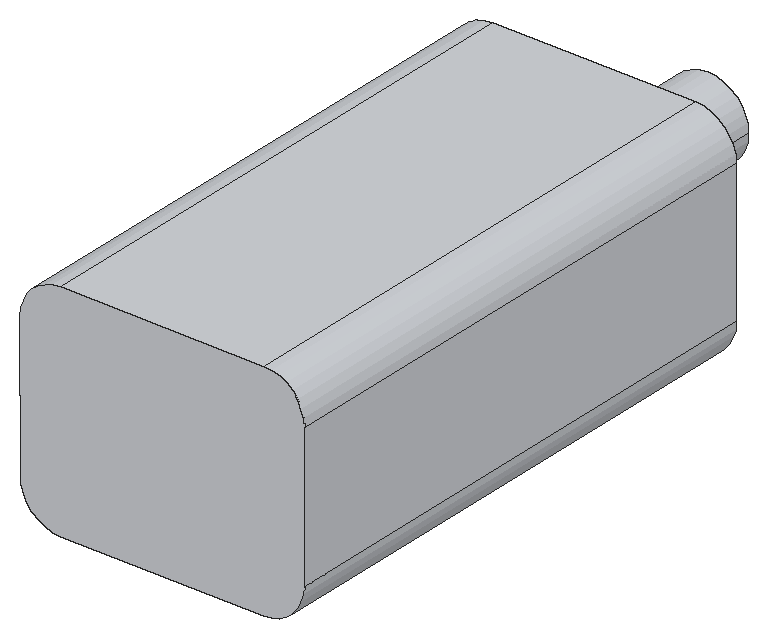
Revit family "SHG_Kamera_V1700", category Sicherheitsgeräte, Revit 2017
Family settings
  Beschriftungsausrichtung beibehalten = Nein
  Bemaßung runder Anschluss = Durchmesser verwenden
  Teiletyp = Normal
  OmniClass-Nummer = 23.85.30.00
  OmniClass-Titel = Safety and Security Information Systems
  Arbeitsebenenbasiert = Nein
  Immer vertikal = Ja
  Beim Laden mit Abzugskörper schneiden = Ja
  Gemeinsam genutzt = Nein
  Raumberechnungspunkt = Nein
Parameters (values of type "Videokamera_ZK")
  pbr_Material_KZ = ""
  pbr_Material = none
  pbr_E_Typ = ""
  pbr_E_KZ = ""
  pbr_DINBild = 0
  pbr_Bild = 0
  pbr_3Dx_Delta_Korrekturversatz [instance] = 0 mm
  pbr_3DX_Versatzfaktor [instance] = 0
  pbr_2DY_Versatzfaktor [instance] = 0
  pbr_2DX_Versatzfaktor [instance] = 0
  lfd_STRK [instance] = 0
  cpiFitMatchKey [instance] = "E-AuV KP"  # constant formula
  Zentrale [instance] = ""
  YFrontversatz [instance] = if(pbr_2DY_Versatzfaktor = 300, 0 mm, pbr_2DY_Versatzfaktor * 300 mm)  # 0 mm
  XSeitenversatz [instance] = if(pbr_2DX_Versatzfaktor = 0, 3000 mm, 3000 mm + (pbr_2DX_Versatzfaktor * 300 mm)) + Eckversatz  # 3000 mm
  Videokamera vario = no
  Videokamera schwenkbar = no
  Videokamera mit Bewegungssensor = no
  Videokamera außen schwenkbar = no
  Videokamera außen mit Bewegungssensor = no
  Videokamera abgeh. Decke (ZK) = no
  Videokamera abgeh. Decke = no
  Videokamera Wetterschutz (ZK) = no
  Videokamera Wetterschutz = no
  Videokamera (ZK) = no
  Videokamera = yes
  Typ [instance] = ""
  Text3 [instance] = ""
  Text2 [instance] = ""
  Text1 [instance] = ""
  Planungsbüro Rohling = "www.pbr.de"
  Niveau [instance] = 2000 mm
  Netzart = ""
  Menge(Dosenzahl) [instance] = 0
  Linie/Anschluss [instance] = ""
  Linie [instance] = ""
  Lastklassifizierung = none
  Installationsart [instance] = ""
  Info [instance] = ""
  Gewerk [instance] = "ZK"
  Eckversatz = 0 mm
  Bus [instance] = ""
  Betriebsstrom ruhe [instance] = 0
  Betriebsstrom max [instance] = 0
  3DX_Versatzkontrolle [instance] = if(pbr_3DX_Versatzfaktor = 0, (pbr_2DX_Versatzfaktor * -1), (((-1 * pbr_3DX_Versatzfaktor) + pbr_2DX_Versatzfaktor) * -1))  # 0
  Platzierrahmen [instance] = no
  3DX_Versatz [instance] = 0 mm
Types (11, lengths in mm): name | pbr_2DY_Versatzfaktor | pbr_2DX_Versatzfaktor | YFrontversatz | XSeitenversatz | Videokamera vario | Videokamera schwenkbar | Videokamera mit Bewegungssensor | Videokamera außen schwenkbar | Videokamera außen mit Bewegungssensor | Videokamera abgeh. Decke | Videokamera Wetterschutz | Videokamera | Gewerk | 3DX_Versatzkontrolle
  Videokamera_RBA | 0 | 0 | 0 | 3000 | no | no | no | no | no | no | no | yes | "RBA" | 0
  Videokamera_abgeh_Decke_RBA | 0 | 0 | 0 | 3000 | no | no | no | no | no | yes | no | no | "RBA" | 0
  Videokamera_aussen_Bewegungssensor_RBA | 0 | 0 | 0 | 3000 | no | no | no | no | yes | no | no | no | "RBA" | 0
  Videokamera_aussen_schwenkbar_RBA | 0 | 0 | 0 | 3000 | no | no | no | yes | no | no | no | no | "RBA" | 0
  Videokamera_Bewegungssensor_RBA | 0 | 0 | 0 | 3000 | no | no | yes | no | no | no | no | no | "RBA" | 0
  Videokamera_schwenkbar_RBA | 0 | 0 | 0 | 3000 | no | yes | no | no | no | no | no | no | "RBA" | 0
  Videokamera_vario_RBA | 0 | 0 | 0 | 3000 | yes | no | no | no | no | no | no | no | "RBA" | 0
  Videokamera_Wetterschutz_RBA | 0 | 0 | 0 | 3000 | no | no | no | no | no | no | yes | no | "RBA" | 0
  Videokamera_ZK | 0 | 0 | 0 | 3000 | no | no | no | no | no | no | no | yes | "ZK" | 0
  Videokamera_abgeh_Decke_ZK | 0 | 0 | 0 | 3000 | no | no | no | no | no | yes | no | no | "ZK" | 0
  Videokamera_Wetterschutz_ZK | 2 | 2 | 600 | 3600 | no | no | no | no | no | no | yes | no | "ZK" | -2
Reference planes
  plane 1 "Mitte (Vorne/Hinten)": y = 0
  plane 2: z = 0
  plane 3 "Mitte (Links/Rechts)": x = 0
  plane 4: x = -125
  plane 5: x = 125
  plane 6: y = 300
  plane 7 "Schalterhinten": y = 0
  plane 8: x = -3000
  plane 9: x = 0
  plane 10: x = -2000
  plane 11: x = -35
  plane 12: x = 35
  plane 13: z = 2027.5
  plane 14: z = 1972.5
  plane 15 "SchalterVorne": y = 133
  plane 16 "3DSchalterMitte": x = 0
  plane 17: z = 2000
  plane 18: y = -70
  plane 19: y = -35
  plane 20: z = 2020
  plane 21: z = 1980
  plane 22: x = -20
  plane 23: x = 20
  plane 24: y = 150
  plane 25: z = 2010
Forms (mm)
  Extrusion 1, solid
    sketch origin (0, 20, 0) x (0, 0, 1) y (-1, 0, 0)
      loop
        line (1972.5, 25) -> (1972.5, -25)
        arc (1972.5, -25) -> (1975.429, -32.071) -> (1982.5, -35) r 10
        line (1982.5, -35) -> (2017.5, -35)
        arc (2017.5, -35) -> (2024.571, -32.071) -> (2027.5, -25) r 10
        line (2027.5, -25) -> (2027.5, 25)
        arc (2027.5, 25) -> (2024.571, 32.071) -> (2017.5, 35) r 10
        line (2017.5, 35) -> (1982.5, 35)
        arc (1982.5, 35) -> (1975.429, 32.071) -> (1972.5, 25) r 10
    from -113 to 20
  Extrusion 2, solid
    sketch origin (0, 133, 0) x (1, 0, 0) y (0, 0, -1)
      loop
        circle (0, -2000) r 10
    from 0 to 35
Dimensions and locks
  plane 4 to plane 5 = 250 mm
  plane 6 to plane 7 "Schalterhinten" = 300 mm
  plane 4 to plane 9 to plane 5 = 125 mm, 125 mm
  "XSeitenversatz": plane 8 to plane 9
  plane 8 to plane 3 "Mitte (Links/Rechts)" = 3000 mm
  "YFrontversatz": plane 1 "Mitte (Vorne/Hinten)" to plane 7 "Schalterhinten"
  plane 12 to plane 11 = 70 mm
  plane 13 to plane 14 = 55 mm
  plane 9 to plane 10 = 2000 mm
  equal spacing: plane 12, plane 16 "3DSchalterMitte", plane 11
  locked: plane 16 "3DSchalterMitte" to plane 10 at 2000
  equal spacing: plane 13, plane 17, plane 14
  "Niveau": plane 17 to level
  locked: plane 1 "Mitte (Vorne/Hinten)" to plane 18 at 70
  plane 15 "SchalterVorne" to plane 1 "Mitte (Vorne/Hinten)" = 133 mm
  equal spacing: plane 18, plane 19, plane 1 "Mitte (Vorne/Hinten)"
  plane 13 to plane 20 = 7.5 mm
  plane 21 to plane 14 = 7.5 mm
  plane 22 to plane 11 = 15 mm
  plane 12 to plane 23 = 15 mm
  equal spacing: plane 6, plane 24, plane 7 "Schalterhinten"
  plane 14 to plane 17 to plane 13 = 27.5 mm, 27.5 mm
  locked: plane 25 to plane 20 at 10
  aligned and locked: level to plane 2
  aligned and locked: plane 14 to Extrusion 1 sketch curve
  aligned and locked: Extrusion 1 sketch curve to plane 11
  aligned and locked: Extrusion 1 sketch curve to plane 13
  aligned and locked: plane 12 to Extrusion 1 sketch curve
  aligned and locked: Extrusion 1 to plane 1 "Mitte (Vorne/Hinten)"
  aligned and locked: Extrusion 1 to plane 15 "SchalterVorne"
  aligned and locked: plane 3 "Mitte (Links/Rechts)" to nested 10
  aligned and locked: plane 1 "Mitte (Vorne/Hinten)" to nested 10
Automatic sketch dimensions
  Extrusion 1 sketch curve to plane 21 = 2.5 mm  (x2)
  Extrusion 1 sketch curve to plane 20 = 2.5 mm  (x2)
  plane 16 "3DSchalterMitte" to Extrusion 2 sketch curve = 0 mm
  Extrusion 2 sketch curve to plane 17 = 0 mm
  radius of Extrusion 2 sketch curve = 10 mm
Nested families
  nested 1: "Videokamera (RBA)" at (0, 0, 0), visible <- "Videokamera", type "Videokamera (RBA)"
  nested 2: "Videokamera (ZK)" at (0, 0, 0), visible <- "Videokamera (ZK)", type "Videokamera (ZK)"
  nested 3: "Videokamera außen mit Bewegungssensor (RBA)" at (0, 0, 0), visible <- "Videokamera außen mit Bewegungssensor", type "Videokamera außen mit Bewegungssensor (RBA)"
  nested 4: "Videokamera außen schwenkbar (RBA)" at (0, 0, 0), visible <- "Videokamera außen schwenkbar", type "Videokamera außen schwenkbar (RBA)"
  nested 5: "Videokamera mit Bewegungssensor (RBA)" at (0, 0, 0), visible <- "Videokamera mit Bewegungssensor", type "Videokamera mit Bewegungssensor (RBA)"
  nested 6: "Videokamera schwenkbar (RBA)" at (0, 0, 0), visible <- "Videokamera schwenkbar", type "Videokamera schwenkbar (RBA)"
  nested 7: "Videokamera vario (RBA)" at (0, 0, 0), visible <- "Videokamera vario", type "Videokamera vario (RBA)"
  nested 8: "Videokamera Wetterschutz (RBA)" at (0, 0, 0), visible <- "Videokamera Wetterschutz", type "Videokamera Wetterschutz (RBA)"
  nested 9: "Videokamera Wetterschutz (ZK)" at (0, 0, 0), visible <- "Videokamera (ZK)", type "Videokamera Wetterschutz (ZK)"
  nested 10: "Videokamera abgeh.Decke (RBA)" at (0, 0, 0), visible <- "Videokamera abgeh. Decke", type "Videokamera abgeh.Decke (RBA)"
Connectors
  electrical at (0, 0, 2000)
    settings: on Extrusion 1, index 1, voltage 0 V, apparent load 0 VA, apparent load phase1 0 VA, apparent load phase2 0 VA, apparent load phase3 0 VA, power factor 1, load classification "Sonstige", number of poles 1, system type 10, power factor state 1, is connector primary yes, connector utility no, sub classification motor no, connector description ""
Definition of nested family "Videokamera (RBA)"
  Reference planes
    plane 1 "Mitte (Vorne/Hinten)": y = 0
    plane 2: z = 0
    plane 3 "Mitte (Links/Rechts)": x = 0
    plane 4: y = 0
    plane 5: y = 0
    plane 6: x = 0
  Lines and regions (mm)
    detail lines, in view "Referenzebene"
      curve 1: line (0, 0, 0) -> (212.132, 212.132, 0)
      curve 2: line (212.132, 212.132, 0) -> (212.132, 318.198, 0)
      curve 3: line (212.132, 318.198, 0) -> (309.713, 415.779, 0)
      curve 4: line (309.713, 415.779, 0) -> (256.68, 468.812, 0)
      curve 5: line (256.68, 468.812, 0) -> (185.616, 397.748, 0)
      curve 6: line (185.616, 397.748, 0) -> (185.616, 503.814, 0)
      curve 7: line (185.616, 503.814, 0) -> (-159.099, 159.099, 0)
      curve 8: line (-159.099, 159.099, 0) -> (0, 0, 0)
Definition of nested family "Videokamera (ZK)"
  Reference planes
    plane 1 "Mitte (Vorne/Hinten)": y = 0
    plane 2: z = 0
    plane 3 "Mitte (Links/Rechts)": x = 0
    plane 4: y = 0
    plane 5: y = 0
    plane 6: x = 0
  Lines and regions (mm)
    detail lines, in view "Referenzebene"
      curve 1: line (0, 0, 0) -> (212.132, 212.132, 0)
      curve 2: line (212.132, 212.132, 0) -> (212.132, 318.198, 0)
      curve 3: line (212.132, 318.198, 0) -> (309.713, 415.779, 0)
      curve 4: line (309.713, 415.779, 0) -> (256.68, 468.812, 0)
      curve 5: line (256.68, 468.812, 0) -> (185.616, 397.748, 0)
      curve 6: line (185.616, 397.748, 0) -> (185.616, 503.814, 0)
      curve 7: line (185.616, 503.814, 0) -> (-159.099, 159.099, 0)
      curve 8: line (-159.099, 159.099, 0) -> (0, 0, 0)
Definition of nested family "Videokamera außen mit Bewegungssensor (RBA)"
  Reference planes
    plane 1 "Mitte (Vorne/Hinten)": y = 0
    plane 2: z = 0
    plane 3 "Mitte (Links/Rechts)": x = 0
    plane 4: x = 0
    plane 5: y = 0
  Lines and regions (mm)
    detail lines, in view "Referenzebene"
      curve 1: line (35.355, 35.355, 0) -> (247.487, 247.487, 0)
      curve 2: line (247.487, 247.487, 0) -> (247.487, 353.553, 0)
      curve 3: line (247.487, 353.553, 0) -> (345.068, 451.134, 0)
      curve 4: line (345.068, 451.134, 0) -> (292.035, 504.167, 0)
      curve 5: line (292.035, 504.167, 0) -> (220.971, 433.103, 0)
      curve 6: line (220.971, 433.103, 0) -> (220.971, 539.169, 0)
      curve 7: line (220.971, 539.169, 0) -> (-123.744, 194.454, 0)
      curve 8: line (-123.744, 194.454, 0) -> (35.355, 35.355, 0)
      curve 9: line (270.971, 549.514, 0) -> (270.971, 659.88, 0)
      curve 10: line (270.971, 659.88, 0) -> (-194.454, 194.454, 0)
      curve 11: line (-194.454, 194.454, 0) -> (0, 0, 0)
      curve 12: line (39.726, 111.852, 0) -> (-52.46, 204.038, 0)
      curve 13: line (-52.46, 204.038, 0) -> (176.236, 248.362, 0)
Definition of nested family "Videokamera außen schwenkbar (RBA)"
  Reference planes
    plane 1 "Mitte (Vorne/Hinten)": y = 0
    plane 2: z = 0
    plane 3 "Mitte (Links/Rechts)": x = 0
    plane 4: x = 0
    plane 5: y = 0
  Lines and regions (mm)
    Filled region 1, type "Beton", in view "Referenzebene"
      outline origin (15.336, -480.563, 0) x (0.707107, 0.707107, 0) y (-0.707107, 0.707107, 0)
        loop
          line (544.777, 521.4) -> (527.43, 521.4) -> (498.908, 417.122) -> (471.222, 521.395) -> (451.807, 521.395) -> (451.807, 399.62) -> (464.233, 399.62) -> (464.233, 503.29) -> (492.431, 399.616) -> (504.047, 399.616) -> (532.345, 501.534) -> (532.345, 399.62) -> (544.777, 399.62) -> (544.777, 521.4)
    detail lines, in view "Referenzebene"
      curve 1: circle (39.775, 198.874, 0) r 93.75 normal (0, 0, 1)
      curve 2: line (35.355, 35.355, 0) -> (247.487, 247.487, 0)
      curve 3: line (247.487, 247.487, 0) -> (247.487, 353.553, 0)
      curve 4: line (247.487, 353.553, 0) -> (345.068, 451.134, 0)
      curve 5: line (345.068, 451.134, 0) -> (292.035, 504.167, 0)
      curve 6: line (292.035, 504.167, 0) -> (220.971, 433.103, 0)
      curve 7: line (220.971, 433.103, 0) -> (220.971, 539.169, 0)
      curve 8: line (220.971, 539.169, 0) -> (-123.744, 194.454, 0)
      curve 9: line (-123.744, 194.454, 0) -> (35.355, 35.355, 0)
      curve 10: line (270.971, 549.514, 0) -> (270.971, 659.88, 0)
      curve 11: line (270.971, 659.88, 0) -> (-194.454, 194.454, 0)
      curve 12: line (-194.454, 194.454, 0) -> (0, 0, 0)
Definition of nested family "Videokamera mit Bewegungssensor (RBA)"
  Reference planes
    plane 1 "Mitte (Vorne/Hinten)": y = 0
    plane 2: z = 0
    plane 3 "Mitte (Links/Rechts)": x = 0
    plane 4: y = 0
    plane 5: y = 0
    plane 6: x = 0
  Lines and regions (mm)
    detail lines, in view "Referenzebene"
      curve 1: line (0, 0, 0) -> (212.132, 212.132, 0)
      curve 2: line (212.132, 212.132, 0) -> (212.132, 318.198, 0)
      curve 3: line (212.132, 318.198, 0) -> (309.713, 415.779, 0)
      curve 4: line (309.713, 415.779, 0) -> (256.68, 468.812, 0)
      curve 5: line (256.68, 468.812, 0) -> (185.616, 397.748, 0)
      curve 6: line (185.616, 397.748, 0) -> (185.616, 503.814, 0)
      curve 7: line (185.616, 503.814, 0) -> (-159.099, 159.099, 0)
      curve 8: line (-159.099, 159.099, 0) -> (0, 0, 0)
      curve 9: line (4.371, 76.497, 0) -> (-87.815, 168.682, 0)
      curve 10: line (-87.815, 168.682, 0) -> (140.881, 213.007, 0)
Definition of nested family "Videokamera schwenkbar (RBA)"
  Reference planes
    plane 1 "Mitte (Vorne/Hinten)": y = 0
    plane 2: z = 0
    plane 3 "Mitte (Links/Rechts)": x = 0
    plane 4: y = 0
    plane 5: x = 0
    plane 6: y = 0
  Lines and regions (mm)
    Filled region 1, type "Beton", in view "Referenzebene"
      outline origin (-20.019, -515.918, 0) x (0.707107, 0.707107, 0) y (-0.707107, 0.707107, 0)
        loop
          line (544.777, 521.4) -> (527.43, 521.4) -> (498.908, 417.122) -> (471.222, 521.395) -> (451.807, 521.395) -> (451.807, 399.62) -> (464.233, 399.62) -> (464.233, 503.29) -> (492.431, 399.616) -> (504.047, 399.616) -> (532.345, 501.534) -> (532.345, 399.62) -> (544.777, 399.62) -> (544.777, 521.4)
    detail lines, in view "Referenzebene"
      curve 1: circle (4.419, 163.518, 0) r 93.75 normal (0, 0, 1)
      curve 2: line (0, 0, 0) -> (212.132, 212.132, 0)
      curve 3: line (212.132, 212.132, 0) -> (212.132, 318.198, 0)
      curve 4: line (212.132, 318.198, 0) -> (309.713, 415.779, 0)
      curve 5: line (309.713, 415.779, 0) -> (256.68, 468.812, 0)
      curve 6: line (256.68, 468.812, 0) -> (185.616, 397.748, 0)
      curve 7: line (185.616, 397.748, 0) -> (185.616, 503.814, 0)
      curve 8: line (185.616, 503.814, 0) -> (-159.099, 159.099, 0)
      curve 9: line (-159.099, 159.099, 0) -> (0, 0, 0)
Definition of nested family "Videokamera vario (RBA)"
  Reference planes
    plane 1 "Mitte (Vorne/Hinten)": y = 0
    plane 2: z = 0
    plane 3 "Mitte (Links/Rechts)": x = 0
    plane 4: x = 0
    plane 5: y = 0
  Lines and regions (mm)
    Filled region 1, type "Beton", in view "Referenzebene"
      outline origin (-716.342, -266.567, 0) x (1, 0, 0) y (0, 1, 0)
        loop
          line (852.852, 462.539) -> (864.073, 453.452)
          spline (864.073, 453.452) -> (869.483, 456.365) -> (872.373, 459.239) -> (874.01, 461.905) -> (875.006, 464.398) -> (875.496, 466.901) -> (875.593, 469.588) -> (875.297, 472.537) -> (874.563, 475.785) -> (873.344, 479.38) -> (871.575, 483.511) -> (869.177, 488.494) -> (866.069, 494.651)
          line (866.069, 494.651) -> (818.087, 583.805) -> (809.636, 575.354) -> (846.635, 509.242) -> (780.687, 546.658) -> (771.365, 537.336) -> (854.584, 492.599) -> (860.716, 481.206)
          spline (860.716, 481.206) -> (861.972, 477.96) -> (862.332, 476.426) -> (862.523, 474.841) -> (862.432, 473.231) -> (862.081, 471.66) -> (861.504, 470.164) -> (860.66, 468.714) -> (859.551, 467.316) -> (858.388, 466.132) -> (857.271, 465.218) -> (855.863, 464.259) -> (852.852, 462.539)
    detail lines, in view "Referenzebene"
      curve 1: line (0, 0, 0) -> (212.132, 212.132, 0)
      curve 2: line (212.132, 212.132, 0) -> (212.132, 318.198, 0)
      curve 3: line (212.132, 318.198, 0) -> (309.713, 415.779, 0)
      curve 4: line (309.713, 415.779, 0) -> (256.68, 468.812, 0)
      curve 5: line (256.68, 468.812, 0) -> (185.616, 397.748, 0)
      curve 6: line (185.616, 397.748, 0) -> (185.616, 503.814, 0)
      curve 7: line (185.616, 503.814, 0) -> (-159.099, 159.099, 0)
      curve 8: line (-159.099, 159.099, 0) -> (0, 0, 0)
      curve 9: line (290.476, 382.4, 0) -> (323.855, 415.779, 0)
      curve 10: line (323.855, 415.779, 0) -> (256.68, 482.954, 0)
      curve 11: line (256.68, 482.954, 0) -> (226.148, 452.422, 0)
Definition of nested family "Videokamera Wetterschutz (RBA)"
  Reference planes
    plane 1 "Mitte (Vorne/Hinten)": y = 0
    plane 2: z = 0
    plane 3 "Mitte (Links/Rechts)": x = 0
    plane 4: x = 0
    plane 5: y = 0
  Lines and regions (mm)
    detail lines, in view "Referenzebene"
      curve 1: line (35.355, 35.355, 0) -> (247.487, 247.487, 0)
      curve 2: line (247.487, 247.487, 0) -> (247.487, 353.553, 0)
      curve 3: line (247.487, 353.553, 0) -> (345.068, 451.134, 0)
      curve 4: line (345.068, 451.134, 0) -> (292.035, 504.167, 0)
      curve 5: line (292.035, 504.167, 0) -> (220.971, 433.103, 0)
      curve 6: line (220.971, 433.103, 0) -> (220.971, 539.169, 0)
      curve 7: line (220.971, 539.169, 0) -> (-123.744, 194.454, 0)
      curve 8: line (-123.744, 194.454, 0) -> (35.355, 35.355, 0)
      curve 9: line (270.971, 549.514, 0) -> (270.971, 659.88, 0)
      curve 10: line (270.971, 659.88, 0) -> (-194.454, 194.454, 0)
      curve 11: line (-194.454, 194.454, 0) -> (0, 0, 0)
Definition of nested family "Videokamera Wetterschutz (ZK)"
  Reference planes
    plane 1 "Mitte (Vorne/Hinten)": y = 0
    plane 2: z = 0
    plane 3 "Mitte (Links/Rechts)": x = 0
    plane 4: x = 0
    plane 5: y = 0
  Lines and regions (mm)
    detail lines, in view "Referenzebene"
      curve 1: line (35.355, 35.355, 0) -> (247.487, 247.487, 0)
      curve 2: line (247.487, 247.487, 0) -> (247.487, 353.553, 0)
      curve 3: line (247.487, 353.553, 0) -> (345.068, 451.134, 0)
      curve 4: line (345.068, 451.134, 0) -> (292.035, 504.167, 0)
      curve 5: line (292.035, 504.167, 0) -> (220.971, 433.103, 0)
      curve 6: line (220.971, 433.103, 0) -> (220.971, 539.169, 0)
      curve 7: line (220.971, 539.169, 0) -> (-123.744, 194.454, 0)
      curve 8: line (-123.744, 194.454, 0) -> (35.355, 35.355, 0)
      curve 9: line (270.971, 549.514, 0) -> (270.971, 659.88, 0)
      curve 10: line (270.971, 659.88, 0) -> (-194.454, 194.454, 0)
      curve 11: line (-194.454, 194.454, 0) -> (0, 0, 0)
Definition of nested family "Videokamera abgeh.Decke (RBA)"
  Reference planes
    plane 1 "Mitte (Vorne/Hinten)": y = 0
    plane 2: z = 0
    plane 3 "Mitte (Links/Rechts)": x = 0
    plane 4: y = 0
    plane 5: x = 0
  Lines and regions (mm)
    detail lines, in view "Referenzebene"
      curve 1: line (-97.3, 38.855, 0) -> (114.832, 250.987, 0)
      curve 2: line (114.832, 250.987, 0) -> (114.832, 357.053, 0)
      curve 3: line (114.832, 357.053, 0) -> (212.413, 454.633, 0)
      curve 4: line (212.413, 454.633, 0) -> (159.38, 507.666, 0)
      curve 5: line (159.38, 507.666, 0) -> (88.316, 436.602, 0)
      curve 6: line (88.316, 436.602, 0) -> (88.316, 542.668, 0)
      curve 7: line (88.316, 542.668, 0) -> (-256.399, 197.954, 0)
      curve 8: line (-256.399, 197.954, 0) -> (-97.3, 38.855, 0)
      curve 9: circle (1.024, 299.777, 0) r 300 normal (0, 0, 1)
